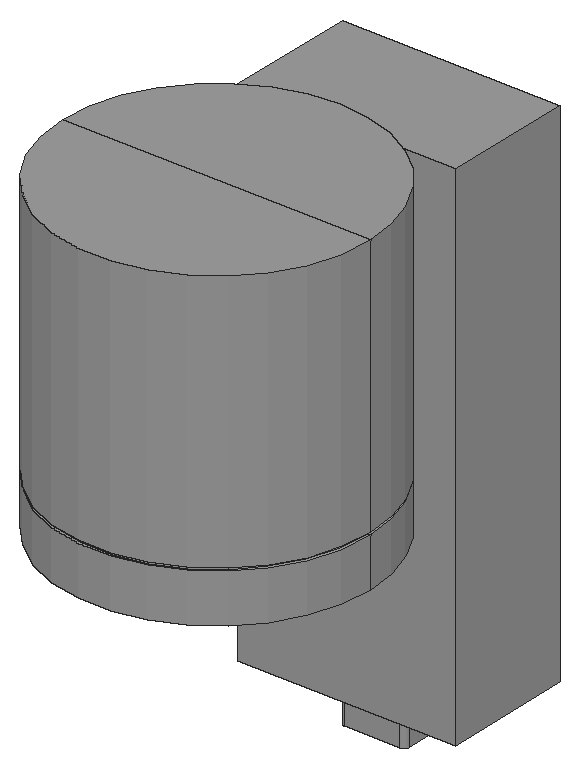
Revit family "Alcon-13304-Revit-Family", category Generic Models, host Face, Revit 2025
Family settings
  Host = Face
  Can host rebar = No
  Round Connector Dimension = Use Diameter
  Part Type = Normal
  Cut with Voids When Loaded = No
  Maintain Annotation Orientation = No
  Shared = No
  Room Calculation Point = No
Parameters
  URL = "https://www.alconlighting.com/?srsltid=AfmBOooDPhGQ0dEP-X2PMtxFfvvWpIAEL4jCll_O2F4_to5onvhnBomy"
  Product Page URL = "https://www.alconlighting.com/13301-canon.html"
  Model = "13301"
  Manufacturer = "ALCON Lighting"
  Fixture Rotation = 90.00°
  Default Elevation = 4' - 0"
  Body = Default
Reference planes (in)
  plane 1 "Center (Front/Back)": y = 0
  plane 2: z = 0
  plane 3 "Center (Left/Right)": x = 0
Forms (in)
  Extrusion 1, solid, material "Default" <- "Body"
    sketch origin (0, 0.74, 0.5) x (1, 0, 0) y (0, -1, 0)
      loop
        arc (-0.375, -0.3125) -> (-0.35669, -0.35669) -> (-0.3125, -0.375) r 0.0625
        line (-0.3125, -0.375) -> (0.3125, -0.375)
        arc (0.3125, -0.375) -> (0.35669, -0.35669) -> (0.375, -0.3125) r 0.0625
        line (0.375, -0.3125) -> (0.375, 0.3125)
        arc (0.375, 0.3125) -> (0.35669, 0.35669) -> (0.3125, 0.375) r 0.0625
        line (0.3125, 0.375) -> (-0.3125, 0.375)
        arc (-0.3125, 0.375) -> (-0.35669, 0.35669) -> (-0.375, 0.3125) r 0.0625
        line (-0.375, 0.3125) -> (-0.375, -0.3125)
    from 0 to 0.5
  Extrusion 2, solid, material "Default" <- "Body"
    sketch origin (0, 0.74, 0.5) x (1, 0, 0) y (0, 1, 0)
      loop
        line (1.235, 0.74) -> (-1.235, 0.74) -> (-1.235, -0.74) -> (1.235, -0.74) -> (1.235, 0.74)
    from 0 to 5.875
Lines and regions (in)
  reference lines
    curve 1: line (0, 0, 4) -> (0, 0, 5.39641)
    curve 2: line (-3.985, 0, 5.39641) -> (4.015, 0, 5.39641)
Dimensions and locks (in)
  "Fixture Rotation": angle nested 1 to curve 2
  aligned and locked: plane 2 to host face
  aligned and locked: level to host face
Automatic sketch dimensions
  host sketch curve to host sketch curve = 8' - 0"  (x2)
  Extrusion 1 sketch curve to plane 3 "Center (Left/Right)" = 0' - 0 3/8"
  Extrusion 1 sketch curve to Extrusion 1 sketch curve = 0' - 0 1/16"  (x3)
  plane 3 "Center (Left/Right)" to Extrusion 1 sketch curve = 0' - 0 5/16"  (x2)
  Extrusion 1 sketch curve to plane 1 "Center (Front/Back)" = 0' - 0.365"
  Extrusion 1 sketch curve to Extrusion 1 sketch curve = 0' - 0 5/8"
  Extrusion 1 to Extrusion 2 sketch curve = 0' - 0.365"  (x2)
  Extrusion 1 to Extrusion 2 sketch curve = 0' - 0.86"  (x2)
  curve 1 to plane 3 "Center (Left/Right)" = 0' - 0"
  level to curve 1 = 0' - 4"
  curve 2 to curve 1 = 0' - 3.985"
  plane 3 "Center (Left/Right)" to curve 2 = 0' - 4.015"
  curve 1 to curve 2 = 0' - 1.39641"
Nested families (in)
  nested 1: "Alcon - 13304 Cylinder" at (0, -1.84802, 5.39641) x (0, 0, 1) z (0, 1, 0), type "Alcon - 13307 Cylinder"
    with built-in parameter 1001306 0.041667 (stored number, unit not read)
Definition of nested family "Alcon - 13304 Cylinder"
  Parameters (values of type "Alcon - 13307 Cylinder")
    Wattage = 9.2903 W
    built-in parameter 1150110 = 1 (stored number, unit not read)
    built-in parameter 1114217 = 1 (stored number, unit not read)
    Tilt Angle = 60.00°
    built-in parameter 1150109 = 1 (stored number, unit not read)
    built-in parameter 1150134 = 3
    built-in parameter 1150113 = 1 (stored number, unit not read)
    built-in parameter 1010507 = 1.5708 (stored number, unit not read)
    built-in parameter 1010506 = 0.5236 (stored number, unit not read)
    built-in parameter 1150105 = 4614.1 (stored number, unit not read)
    Lumens = 1380 lm
    built-in parameter 1150115 = 1 (stored number, unit not read)
    Light Source Symbol Length = 10' - 0"
    built-in parameter 1150137 = (empty or 0)
    built-in parameter 1150139 = (empty or 0)
    built-in parameter 1001306 [instance] = 4' - 0"
    built-in parameter 1150112 = 1 (stored number, unit not read)
    built-in parameter 1150114 = 1 (stored number, unit not read)
    built-in parameter 1150132 = (empty or 0)
    built-in parameter 1150102 = (empty or 0)
    built-in parameter 1150107 = 3200 (stored number, unit not read)
    built-in parameter 1150138 = (empty or 0)
    built-in parameter 1150106 = 46.141 (stored number, unit not read)
    Glass = none
    built-in parameter 1150104 = 13.8 (stored number, unit not read)
    Dimming Lamp Color Temperature Shift = (empty or 0)
    Default Elevation = 0' - 0"
    Color Filter = 16777215
    Body = none
    built-in parameter 1114218 = 1 (stored number, unit not read)
    built-in parameter 1150133 = 10 (stored number, unit not read)
  Types (2): name
    Alcon - 13307 Cylinder
    Alcon - 13306 Cylinder
  Reference planes (in)
    plane 1 "Center (Front/Back)": y = 0
    plane 2: z = 0
    plane 3 "Left": x = 0
    plane 4 "Right": x = 48
  Forms (in)
    Revolve 1, solid, material <- "Body"
      sketch origin (0, 0, 0) x (1, 0, 0) y (0, 1, 0)
        loop
          line (-2.3125, 1.75) -> (-2.22745, 1.10377) -> (1.125, 1.10377) -> (1.125, 0) -> (1.25, 0) -> (1.25, 1.75) -> (-1.72299, 1.75) -> (-1.72299, 1.71875) -> (-1.75424, 1.71875) -> (-1.75424, 1.75) -> (-2.3125, 1.75)
        axis (1.25, 0) -> (-2.3125, 0)
      angle from 0 to 360
    Extrusion 2, solid, material <- "Glass"
      sketch origin (0, 0, 0) x (0, 1, 0) y (0, 0, 1)
        loop
          circle (0, 0) r 1.10377
      from -1.95658 to -1.88527
    Extrusion 3, solid, material <- "Body"
      sketch origin (0, 0, 0.57306) x (0, -1, 0) y (1, 0, 0)
        loop
          circle (0, 0) r 0.5
      from 1.40172 to 1.05018
  Lines and regions (in)
    reference lines
      curve 1: line (0, 0, 0) -> (48, 0, 0)
    model lines
      curve 2: line (0, 0, 0) -> (-8.5, 0, 0)
  Dimensions and locks (in)
    "built-in parameter 1001306": plane 3 "Left" to plane 4 "Right"
    aligned and locked: plane 4 "Right" to curve 1
    aligned and locked: plane 1 "Center (Front/Back)" to curve 1
    aligned and locked: plane 3 "Left" to curve 1
    aligned and locked: level to plane 2
  Automatic sketch dimensions
    plane 1 "Center (Front/Back)" to curve 2 = 0' - 0"
    curve 2 to plane 3 "Left" = 0' - 0"
    curve 2 to curve 2 = 0' - 8 1/2"
    plane 1 "Center (Front/Back)" to Extrusion 3 sketch curve = 0' - 0"
    Extrusion 3 sketch curve to plane 3 "Left" = 0' - 0"
    plane 1 "Center (Front/Back)" to Revolve 1 sketch curve = 0' - 0"  (x2)
    Revolve 1 sketch curve to plane 3 "Left" = 0' - 2 5/16"
    Revolve 1 sketch curve to plane 1 "Center (Front/Back)" = 0' - 1.10377"
    Revolve 1 sketch curve to Revolve 1 sketch curve = 0' - 0.08505"
    Revolve 1 sketch curve to Revolve 1 sketch curve = 0' - 0.55826"
    Revolve 1 sketch curve to Revolve 1 sketch curve = 0' - 0 1/32"  (x2)
    plane 3 "Left" to Revolve 1 sketch curve = 0' - 1 1/8"
    Revolve 1 sketch curve to Revolve 1 sketch curve = 0' - 0 1/8"
    Revolve 1 sketch curve to Revolve 1 sketch curve = 0' - 0.61498"
    Revolve 1 sketch curve to Revolve 1 sketch curve = 0' - 0"
    Revolve 1 sketch curve to plane 3 "Left" = 0' - 0.92626"
    plane 3 "Left" to Revolve 1 sketch curve = 0' - 0.17599"
    Extrusion 2 sketch curve to level = 0' - 0"
    Extrusion 2 sketch curve to Extrusion 2 sketch curve = 0' - 0"
    Extrusion 2 sketch curve to plane 1 "Center (Front/Back)" = 0' - 0"
    plane 1 "Center (Front/Back)" to Extrusion 2 sketch curve = 0' - 1.10377"
    radius of Extrusion 3 sketch curve = 0' - 0 1/2"
